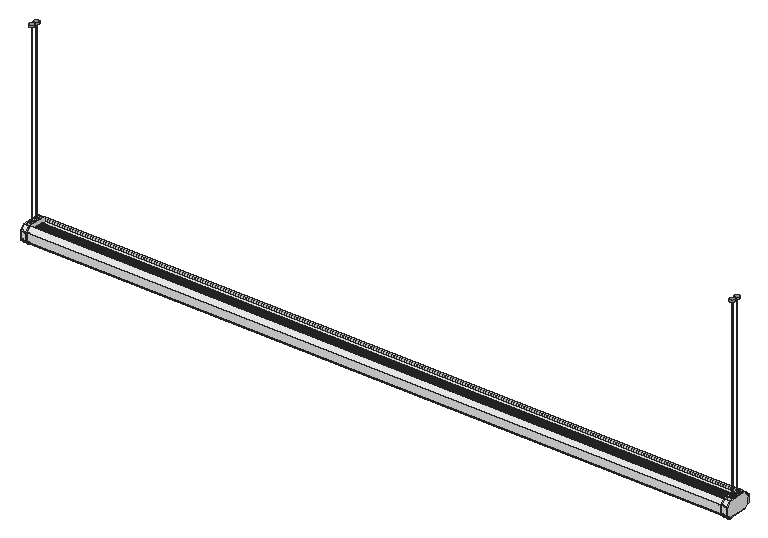
Revit family "Uno Suspended Lighting Fixture 1", category Lighting Fixtures, host Ceiling, Revit 2018
Family settings
  Host = Ceiling
  Round Connector Dimension = Use Diameter
  Part Type = Normal
  OmniClass Number = 23.80.70.11
  OmniClass Title = Luminaries for Internal Lighting
  Always vertical = Yes
  Cut with Voids When Loaded = No
  Light Source = Yes
  Shared = No
  Room Calculation Point = No
Parameters (values of type "White 8FT")
  Wattage = 9.2903 W
  built-in parameter 1150110 = 1 (stored number, unit not read)
  Voltage = 0 V
  URL = "http://www.aronlighting.com/about/"
  built-in parameter 1114217 = 1 (stored number, unit not read)
  Tilt Angle = 90.00°  # constant formula
  built-in parameter 1150109 = 1 (stored number, unit not read)
  built-in parameter 1150134 = (empty or 0)
  built-in parameter 1150113 = 1 (stored number, unit not read)
  Standard Power Dropdown [instance] = not(Power over Aircraft Cable)  # no
  Specification = "http://www.aronlighting.com/product/uno-suspended/#1564668859164-3396a6db-2547"
  Power over Aircraft Cable [instance] = yes
  Poles = 1
  Photometric Web File = "edge-suspended-b3.ies"
  Manufacturer = "ARON"  # constant formula
  built-in parameter 1150105 = 85.611 (stored number, unit not read)
  Lumens = 1075.82 lm
  built-in parameter 1150115 = 1 (stored number, unit not read)
  Load = Other
  built-in parameter 1150137 = (empty or 0)
  built-in parameter 1150139 = (empty or 0)
  Length = 8' - 0"
  built-in parameter 1150112 = 1 (stored number, unit not read)
  built-in parameter 1150114 = 1 (stored number, unit not read)
  built-in parameter 1150132 = (empty or 0)
  built-in parameter 1150102 = (empty or 0)
  built-in parameter 1150107 = 3000 (stored number, unit not read)
  built-in parameter 1150138 = (empty or 0)
  built-in parameter 1150106 = 0.85611 (stored number, unit not read)
  Hanging Height [instance] = 2' - 0"
  Glass = Glass
  Emit from Line Length = 2' - 0"
  built-in parameter 1150104 = 10.758 (stored number, unit not read)
  Dimming Lamp Color Temperature Shift = <None>
  Description = ""
  Copyright © = "© 2020 ARON Lighting"  # constant formula
  Color Filter = 16777215
  Case = White
  built-in parameter 1114218 = 1 (stored number, unit not read)
  built-in parameter 1150133 = 10 (stored number, unit not read)
  Apparent Load = 0 VA
  Aircraft Cable Suspension = Stainless Steel
  4FT TO 8FT = yes
  28FT = no
  26FT = no
  24 FT = no
  22FT C = no
  22FT B = no
  22FT A = no
  20FT C = no
  20FT B = no
  20FT A = no
  16FT = no
  14FT = no
  12FT = no
  10FT = no
Reference planes (in)
  plane 1 "Light Source Axis (F/B)": y = 0
  plane 2 "Ceiling": z = 96
  plane 3 "Light Source Axis (L/R)": x = 0
  plane 4 "Light Source Elevation": z = 58
  plane 5: x = 12
  plane 6: x = -48
  plane 7: x = 48
Dimensions and locks (in)
  equal spacing: host sketch curve, plane 3 "Light Source Axis (L/R)", host sketch curve
  equal spacing: host sketch curve, plane 1 "Light Source Axis (F/B)", host sketch curve
  host sketch curve to host sketch curve = 21' - 8"
  host sketch curve to host sketch curve = 15' - 0"
  locked: plane 3 "Light Source Axis (L/R)" to plane 5 at 12
  "Length": plane 6 to plane 7
  equal spacing: plane 6, plane 3 "Light Source Axis (L/R)", plane 7
  locked: nested 19 to plane 3 "Light Source Axis (L/R)" at 132
  locked: plane 3 "Light Source Axis (L/R)" to nested 21 at 132
  nested 24 to nested 24 = 8' - 0"
  aligned and locked: plane 1 "Light Source Axis (F/B)" to nested 1
  aligned and locked: plane 3 "Light Source Axis (L/R)" to nested 1
  aligned and locked: plane 1 "Light Source Axis (F/B)" to nested 2
  aligned and locked: nested 3 to plane 1 "Light Source Axis (F/B)"
  aligned and locked: nested 3 to plane 5
  aligned and locked: nested 2 to plane 5
  aligned and locked: plane 3 "Light Source Axis (L/R)" to nested 5
  aligned and locked: plane 3 "Light Source Axis (L/R)" to nested 4
  aligned and locked: nested 5 to plane 3 "Light Source Axis (L/R)"
  aligned and locked: nested 4 to plane 1 "Light Source Axis (F/B)"
  aligned and locked: nested 5 to plane 1 "Light Source Axis (F/B)"
  aligned and locked: plane 5 to nested 6
  aligned and locked: plane 5 to nested 7
  aligned and locked: nested 6 to plane 1 "Light Source Axis (F/B)"
  aligned and locked: nested 7 to plane 1 "Light Source Axis (F/B)"
  aligned and locked: nested 9 to plane 3 "Light Source Axis (L/R)"
  aligned and locked: nested 8 to plane 3 "Light Source Axis (L/R)"
  aligned and locked: nested 12 to plane 1 "Light Source Axis (F/B)"
  aligned and locked: nested 11 to plane 1 "Light Source Axis (F/B)"
  aligned and locked: nested 13 to plane 1 "Light Source Axis (F/B)"
  aligned and locked: plane 1 "Light Source Axis (F/B)" to nested 14
  aligned and locked: nested 16 to plane 1 "Light Source Axis (F/B)"
  aligned and locked: plane 1 "Light Source Axis (F/B)" to nested 18
  aligned and locked: nested 17 to plane 1 "Light Source Axis (F/B)"
  aligned and locked: nested 19 to plane 1 "Light Source Axis (F/B)"
  aligned and locked: plane 1 "Light Source Axis (F/B)" to nested 20
  aligned and locked: nested 21 to plane 1 "Light Source Axis (F/B)"
  aligned and locked: nested 20 to nested 19
  aligned and locked: nested 21 to nested 20
  aligned and locked: plane 3 "Light Source Axis (L/R)" to nested 22
  aligned and locked: nested 23 to plane 1 "Light Source Axis (F/B)"
  aligned and locked: plane 1 "Light Source Axis (F/B)" to nested 22
  aligned and locked: nested 24 to plane 1 "Light Source Axis (F/B)"
  aligned and locked: nested 23 to nested 22
  aligned and locked: nested 26 to nested 25
  aligned and locked: nested 27 to nested 26
  aligned and locked: nested 27 to plane 1 "Light Source Axis (F/B)"
  aligned and locked: nested 26 to plane 1 "Light Source Axis (F/B)"
  aligned and locked: nested 25 to plane 1 "Light Source Axis (F/B)"
  aligned and locked: plane 1 "Light Source Axis (F/B)" to nested 30
  aligned and locked: nested 28 to plane 1 "Light Source Axis (F/B)"
  aligned and locked: nested 29 to nested 30
  aligned and locked: nested 29 to plane 1 "Light Source Axis (F/B)"
  aligned and locked: nested 28 to nested 30
  aligned and locked: nested 32 to nested 31
  aligned and locked: nested 31 to nested 32
  aligned and locked: nested 31 to plane 1 "Light Source Axis (F/B)"
  aligned and locked: nested 33 to plane 1 "Light Source Axis (F/B)"
  aligned and locked: nested 34 to nested 35
  aligned and locked: nested 36 to nested 35
  aligned and locked: nested 37 to nested 36
  aligned and locked: nested 35 to plane 1 "Light Source Axis (F/B)"
  aligned and locked: plane 1 "Light Source Axis (F/B)" to nested 36
  aligned and locked: nested 37 to plane 1 "Light Source Axis (F/B)"
  aligned and locked: nested 36 to nested 37
  aligned and locked: plane 1 "Light Source Axis (F/B)" to nested 38
  aligned and locked: nested 38 to nested 33
  aligned and locked: nested 32 to nested 38
  aligned and locked: nested 18 to nested 16
  aligned and locked: nested 17 to nested 18
Nested families (in)
  nested 1: "Uno Suspended-UNOS1-1" at (0, 0, 0), visible <- "4FT TO 8FT", Power over Aircraft Cable <- "Power over Aircraft Cable", Standard Power Dropdown <- "Standard Power Dropdown", type "5FT"
    with Width 3' - 10", Standard Power Dropdown no, Power over Aircraft Cable yes, Length 8' - 0", Emit from Line Length 8' - 0"
  nested 2: "Uno Suspended-UNOS1 With Joiner 2" at (-24, 0, 0), visible <- "10FT", Power over Aircraft Cable <- "Power over Aircraft Cable", Standard Power Dropdown <- "Standard Power Dropdown", type "6FT"
    with Width 3' - 10", Standard Power Dropdown no, Power over Aircraft Cable yes, Distance from ceiling 2' - 0"
  nested 3: "Uno Suspended-UNOS1 With Joiner" at (36, 0, 0) x (-1, 0, 0) z (0, 0, 1), visible <- "10FT", Power over Aircraft Cable <- "Power over Aircraft Cable", Standard Power Dropdown <- "Standard Power Dropdown", type "4FT"
    with Width 3' - 10", Standard Power Dropdown no, Power over Aircraft Cable yes
  nested 4: "Uno Suspended-UNOS1 With Joiner 2" at (-36, 0, 0), visible <- "12FT", Power over Aircraft Cable <- "Power over Aircraft Cable", Standard Power Dropdown <- "Standard Power Dropdown", type "6FT"
    with Width 3' - 10", Standard Power Dropdown no, Power over Aircraft Cable yes, Distance from ceiling 2' - 0"
  nested 5: "Uno Suspended-UNOS1 With Joiner" at (36, 0, 0) x (-1, 0, 0) z (0, 0, 1), visible <- "12FT", Power over Aircraft Cable <- "Power over Aircraft Cable", Standard Power Dropdown <- "Standard Power Dropdown", type "6FT"
    with Width 3' - 10", Standard Power Dropdown no, Power over Aircraft Cable yes
  nested 6: "Uno Suspended-UNOS1 With Joiner" at (-36, 0, 0), visible <- "14FT", Power over Aircraft Cable <- "Power over Aircraft Cable", Standard Power Dropdown <- "Standard Power Dropdown", type "8FT"
    with Width 3' - 10", Standard Power Dropdown no, Power over Aircraft Cable yes, Length 8' - 0", Distance from ceiling 2' - 0"
  nested 7: "Uno Suspended-UNOS1 With Joiner 2" at (48, 0, 0) x (-1, 0, 0) z (0, 0, 1), visible <- "14FT", Power over Aircraft Cable <- "Power over Aircraft Cable", Standard Power Dropdown <- "Standard Power Dropdown", type "6FT"
    with Width 3' - 10", Standard Power Dropdown no, Power over Aircraft Cable yes, Distance from ceiling 2' - 0"
  nested 8: "Uno Suspended-UNOS1 With Joiner" at (-48, 0, 0), visible <- "16FT", Power over Aircraft Cable <- "Power over Aircraft Cable", Standard Power Dropdown <- "Standard Power Dropdown", type "8FT"
    with Width 3' - 10", Standard Power Dropdown no, Power over Aircraft Cable yes, Length 8' - 0", Distance from ceiling 2' - 0"
  nested 9: "Uno Suspended-UNOS1 With Joiner 2" at (48, 0, 0) x (-1, 0, 0) z (0, 0, 1), visible <- "16FT", Power over Aircraft Cable <- "Power over Aircraft Cable", Standard Power Dropdown <- "Standard Power Dropdown", type "8FT"
    with Width 3' - 10", Standard Power Dropdown no, Power over Aircraft Cable yes, Distance from ceiling 2' - 0"
  nested 10: "Uno Suspended-UNOS1 With 2 Joiner" at (-0.25, 0, 0), visible <- "20FT B", Power over Aircraft Cable <- "Power over Aircraft Cable", Standard Power Dropdown <- "Standard Power Dropdown", type "4FT"
    with Width 3' - 10", Standard Power Dropdown no, Power over Aircraft Cable yes, Distance from ceiling 2' - 0"
  nested 11: "Uno Suspended-UNOS1 With Joiner 2" at (71.75, 0, 0) x (-1, 0, 0) z (0, 0, 1), visible <- "20FT B", Power over Aircraft Cable <- "Power over Aircraft Cable", Standard Power Dropdown <- "Standard Power Dropdown", type "8FT"
    with Width 3' - 10", Standard Power Dropdown no, Power over Aircraft Cable yes, Distance from ceiling 2' - 0"
  nested 12: "Uno Suspended-UNOS1 With Joiner 2" at (-72.25, 0, 0), visible <- "20FT B", Power over Aircraft Cable <- "Power over Aircraft Cable", Standard Power Dropdown <- "Standard Power Dropdown", type "8FT"
    with Width 3' - 10", Standard Power Dropdown no, Power over Aircraft Cable yes, Distance from ceiling 2' - 0"
  nested 13: "Uno Suspended-UNOS1 With Joiner 2" at (-96, 0, 0), visible <- "20FT A", Power over Aircraft Cable <- "Power over Aircraft Cable", Standard Power Dropdown <- "Standard Power Dropdown", type "4FT"
    with Width 3' - 10", Standard Power Dropdown no, Power over Aircraft Cable yes, Length 4' - 0", Emit from Line Length 4' - 0", Distance from ceiling 2' - 0"
  nested 14: "Uno Suspended-UNOS1 With 2 Joiner" at (-24, 0, 0), visible <- "20FT A", Power over Aircraft Cable <- "Power over Aircraft Cable", Standard Power Dropdown <- "Standard Power Dropdown", type "8FT"
    with Width 3' - 10", Standard Power Dropdown no, Power over Aircraft Cable yes, Distance from ceiling 2' - 0"
  nested 15: "Uno Suspended-UNOS1 With Joiner 2" at (72, 0, 0) x (-1, 0, 0) z (0, 0, 1), visible <- "20FT A", Power over Aircraft Cable <- "Power over Aircraft Cable", Standard Power Dropdown <- "Standard Power Dropdown", type "8FT"
    with Width 3' - 10", Standard Power Dropdown no, Power over Aircraft Cable yes, Distance from ceiling 2' - 0"
  nested 16: "Uno Suspended-UNOS1 With Joiner 2" at (-72, 0, 0), visible <- "20FT C", Power over Aircraft Cable <- "Power over Aircraft Cable", Standard Power Dropdown <- "Standard Power Dropdown", type "8FT"
    with Width 3' - 10", Standard Power Dropdown no, Power over Aircraft Cable yes, Distance from ceiling 2' - 0"
  nested 17: "Uno Suspended-UNOS1 With Joiner 2" at (96, 0, 0) x (-1, 0, 0) z (0, 0, 1), visible <- "20FT C", Power over Aircraft Cable <- "Power over Aircraft Cable", Standard Power Dropdown <- "Standard Power Dropdown", type "4FT"
    with Width 3' - 10", Standard Power Dropdown no, Power over Aircraft Cable yes, Length 4' - 0", Emit from Line Length 4' - 0", Distance from ceiling 2' - 0"
  nested 18: "Uno Suspended-UNOS1 With 2 Joiner" at (24, 0, 0), visible <- "20FT C", Power over Aircraft Cable <- "Power over Aircraft Cable", Standard Power Dropdown <- "Standard Power Dropdown", type "8FT"
    with Width 3' - 10", Standard Power Dropdown no, Power over Aircraft Cable yes, Distance from ceiling 2' - 0"
  nested 19: "Uno Suspended-UNOS1 With Joiner 2" at (-96, 0, 0), visible <- "22FT A", Power over Aircraft Cable <- "Power over Aircraft Cable", Standard Power Dropdown <- "Standard Power Dropdown", type "6FT"
    with Width 3' - 10", Standard Power Dropdown no, Power over Aircraft Cable yes, Distance from ceiling 2' - 0"
  nested 20: "Uno Suspended-UNOS1 With 2 Joiner" at (-12, 0, 0), visible <- "22FT A", Power over Aircraft Cable <- "Power over Aircraft Cable", Standard Power Dropdown <- "Standard Power Dropdown", type "8FT"
    with Width 3' - 10", Standard Power Dropdown no, Power over Aircraft Cable yes, Distance from ceiling 2' - 0"
  nested 21: "Uno Suspended-UNOS1 With Joiner 2" at (84, 0, 0) x (-1, 0, 0) z (0, 0, 1), visible <- "22FT A", Power over Aircraft Cable <- "Power over Aircraft Cable", Standard Power Dropdown <- "Standard Power Dropdown", type "8FT"
    with Width 3' - 10", Standard Power Dropdown no, Power over Aircraft Cable yes, Distance from ceiling 2' - 0"
  nested 22: "Uno Suspended-UNOS1 With 2 Joiner" at (0, 0, 0), visible <- "22FT B", Power over Aircraft Cable <- "Power over Aircraft Cable", Standard Power Dropdown <- "Standard Power Dropdown", type "6FT"
    with Width 3' - 10", Standard Power Dropdown no, Power over Aircraft Cable yes, Distance from ceiling 2' - 0"
  nested 23: "Uno Suspended-UNOS1 With Joiner 2" at (-84, 0, 0), visible <- "22FT B", Power over Aircraft Cable <- "Power over Aircraft Cable", Standard Power Dropdown <- "Standard Power Dropdown", type "8FT"
    with Width 3' - 10", Standard Power Dropdown no, Power over Aircraft Cable yes, Distance from ceiling 2' - 0"
  nested 24: "Uno Suspended-UNOS1 With Joiner 2" at (84, 0, 0) x (-1, 0, 0) z (0, 0, 1), visible <- "22FT B", Power over Aircraft Cable <- "Power over Aircraft Cable", Standard Power Dropdown <- "Standard Power Dropdown", type "8FT"
    with Width 3' - 10", Standard Power Dropdown no, Power over Aircraft Cable yes, Distance from ceiling 2' - 0"
  nested 25: "Uno Suspended-UNOS1 With Joiner 2" at (95.25, 0, 0) x (-1, 0, 0) z (0, 0, 1), visible <- "22FT C", Power over Aircraft Cable <- "Power over Aircraft Cable", Standard Power Dropdown <- "Standard Power Dropdown", type "6FT"
    with Width 3' - 10", Standard Power Dropdown no, Power over Aircraft Cable yes, Distance from ceiling 2' - 0"
  nested 26: "Uno Suspended-UNOS1 With 2 Joiner" at (11.25, 0, 0) x (-1, 0, 0) z (0, 0, 1), visible <- "22FT C", Power over Aircraft Cable <- "Power over Aircraft Cable", Standard Power Dropdown <- "Standard Power Dropdown", type "8FT"
    with Width 3' - 10", Standard Power Dropdown no, Power over Aircraft Cable yes, Distance from ceiling 2' - 0"
  nested 27: "Uno Suspended-UNOS1 With Joiner 2" at (-84.75, 0, 0), visible <- "22FT C", Power over Aircraft Cable <- "Power over Aircraft Cable", Standard Power Dropdown <- "Standard Power Dropdown", type "8FT"
    with Width 3' - 10", Standard Power Dropdown no, Power over Aircraft Cable yes, Distance from ceiling 2' - 0"
  nested 28: "Uno Suspended-UNOS1 With Joiner 2" at (-96, 0, 0), visible <- "24 FT", Power over Aircraft Cable <- "Power over Aircraft Cable", Standard Power Dropdown <- "Standard Power Dropdown", type "8FT"
    with Width 3' - 10", Standard Power Dropdown no, Power over Aircraft Cable yes, Distance from ceiling 2' - 0"
  nested 29: "Uno Suspended-UNOS1 With Joiner 2" at (96, 0, 0) x (-1, 0, 0) z (0, 0, 1), visible <- "24 FT", Power over Aircraft Cable <- "Power over Aircraft Cable", Standard Power Dropdown <- "Standard Power Dropdown", type "8FT"
    with Width 3' - 10", Standard Power Dropdown no, Power over Aircraft Cable yes, Distance from ceiling 2' - 0"
  nested 30: "Uno Suspended-UNOS1 With 2 Joiner" at (0, 0, 0), visible <- "24 FT", Power over Aircraft Cable <- "Power over Aircraft Cable", Standard Power Dropdown <- "Standard Power Dropdown", type "8FT"
    with Width 3' - 10", Standard Power Dropdown no, Power over Aircraft Cable yes, Distance from ceiling 2' - 0"
  nested 31: "Uno Suspended-UNOS1 With Joiner 2" at (-123.51624, 0, 0), visible <- "26FT", Power over Aircraft Cable <- "Power over Aircraft Cable", Standard Power Dropdown <- "Standard Power Dropdown", type "8FT"
    with Width 3' - 10", Standard Power Dropdown no, Power over Aircraft Cable yes, Distance from ceiling 2' - 0"
  nested 32: "Uno Suspended-UNOS1 With 2 Joiner" at (-39.51624, 0, 0), visible <- "26FT", Power over Aircraft Cable <- "Power over Aircraft Cable", Standard Power Dropdown <- "Standard Power Dropdown", type "6FT"
    with Width 3' - 10", Standard Power Dropdown no, Power over Aircraft Cable yes, Distance from ceiling 2' - 0"
  nested 33: "Uno Suspended-UNOS1 With Joiner" at (92.48376, 0, 0) x (-1, 0, 0) z (0, 0, 1), visible <- "26FT", Power over Aircraft Cable <- "Power over Aircraft Cable", Standard Power Dropdown <- "Standard Power Dropdown", type "8FT"
    with Width 3' - 10", Standard Power Dropdown no, Power over Aircraft Cable yes, Length 8' - 0", Distance from ceiling 2' - 0"
  nested 34: "Uno Suspended-UNOS1 With Joiner 2" at (-130, 0, 0), visible <- "28FT", Power over Aircraft Cable <- "Power over Aircraft Cable", Standard Power Dropdown <- "Standard Power Dropdown", type "8FT"
    with Width 3' - 10", Standard Power Dropdown no, Power over Aircraft Cable yes, Distance from ceiling 2' - 0"
  nested 35: "Uno Suspended-UNOS1 With 2 Joiner" at (-34, 0, 0), visible <- "28FT", Power over Aircraft Cable <- "Power over Aircraft Cable", Standard Power Dropdown <- "Standard Power Dropdown", type "8FT"
    with Width 3' - 10", Standard Power Dropdown no, Power over Aircraft Cable yes, Distance from ceiling 2' - 0"
  nested 36: "Uno Suspended-UNOS1 With 3 Joiner" at (38, 0, 0), visible <- "28FT", type "4FT"
  nested 37: "Uno Suspended-UNOS1 With Joiner" at (110, 0, 0) x (-1, 0, 0) z (0, 0, 1), visible <- "28FT", Power over Aircraft Cable <- "Power over Aircraft Cable", Standard Power Dropdown <- "Standard Power Dropdown", type "8FT"
    with Width 3' - 10", Standard Power Dropdown no, Power over Aircraft Cable yes, Length 8' - 0", Distance from ceiling 2' - 0"
  nested 38: "Uno Suspended-UNOS1 With 3 Joiner" at (20.48376, 0, 0), visible <- "26FT", type "4FT"
    with Width 3' - 10"
Connectors (in)
  electrical at (0, 0, 96), driven by "Poles", driven by "Load", driven by "Voltage", driven by "Apparent Load"
    settings: on host ceiling, index 1, voltage 0 V, apparent load 0 VA, apparent load phase1 0 VA, apparent load phase2 0 VA, apparent load phase3 0 VA, power factor 1, load classification "Other", number of poles 1, system type 30, power factor state 1, is connector primary yes, connector utility no, sub classification motor no, connector description ""
Definition of nested family "Uno Suspended-UNOS1-1"
  Parameters (values of type "5FT")
    Width [instance] = 3' - 10"
    Wattage = 9.2903 W
    built-in parameter 1150110 = 1 (stored number, unit not read)
    built-in parameter 1114217 = 1 (stored number, unit not read)
    Tilt Angle = 60.00°
    built-in parameter 1150109 = 1 (stored number, unit not read)
    built-in parameter 1150134 = (empty or 0)
    built-in parameter 1150113 = 1 (stored number, unit not read)
    Standard Power Dropdown [instance] = no
    Power over Aircraft Cable [instance] = yes
    Photometric Web File = ""
    built-in parameter 1150142 = (empty or 0)
    Material = none
    Lumens = 1075.82 lm
    built-in parameter 1150115 = 1 (stored number, unit not read)
    built-in parameter 1150105 = 85.611 (stored number, unit not read)
    built-in parameter 1150137 = (empty or 0)
    built-in parameter 1150139 = (empty or 0)
    Length = 4' - 0"
    built-in parameter 1150112 = 1 (stored number, unit not read)
    built-in parameter 1150114 = 1 (stored number, unit not read)
    built-in parameter 1150132 = (empty or 0)
    built-in parameter 1150102 = (empty or 0)
    built-in parameter 1150138 = (empty or 0)
    built-in parameter 1150107 = 3000 (stored number, unit not read)
    built-in parameter 1150106 = 0.85611 (stored number, unit not read)
    Heigth = 0' - 2.17"
    Hanger = none
    Glass = none
    Emit from Line Length = 4' - 0"
    built-in parameter 1150104 = 10.758 (stored number, unit not read)
    Distance from ceiling = 2' - 0"
    Dimming Lamp Color Temperature Shift = (empty or 0)
    Depth = 0' - 3.67"
    Color Filter = 16777215
    built-in parameter 1114218 = 1 (stored number, unit not read)
    built-in parameter 1150133 = 10 (stored number, unit not read)
  Reference planes (in)
    plane 1 "Light Source Axis (F/B)": y = 0
    plane 2 "Ceiling": z = 96
    plane 3 "Light Source Axis (L/R)": x = 0
    plane 4 "Light Source Elevation": z = 70.915
    plane 5: y = 1.835
    plane 6: y = -1.835
    plane 7: z = 72
    plane 8: z = 69.83
    plane 9: z = 71.84252
    plane 10: y = 1.67752
    plane 11: y = -1.67752
    plane 12: z = 69.98748
    plane 13: z = 70.915
    plane 14: z = 71.4575
    plane 15: z = 70.3725
    plane 16: x = -24
    plane 17: x = 24
    plane 18: x = -23.125
    plane 19: x = 23.125
    plane 20: y = 1.335
    plane 21: y = -1.335
    plane 22: x = -23.20374
    plane 23: x = 23.20374
    plane 24: x = -23.92126
    plane 25: x = 23.92126
    plane 26: x = -23.5625
    plane 27: y = 1.085
    plane 28: y = -1.085
    plane 29: z = 69.90874
    plane 30: z = 95.84252
    plane 31: x = -0.25
    plane 32: x = 0.25
    plane 33: z = 71.56038
  Forms (in)
    Extrusion 1, solid, material <- "Material"
      sketch origin (0, 0, 0) x (0, 1, 0) y (0, 0, -1)
        loop
          arc (1.81441, -71.47809) -> (1.82965, -71.45528) -> (1.835, -71.42838) r 0.07031
          line (1.835, -71.42838) -> (1.835, -70.40162)
          arc (1.835, -70.40162) -> (1.82965, -70.37472) -> (1.81441, -70.35191) r 0.07031
          line (1.81441, -70.35191) -> (1.30507, -69.84257)
          arc (1.30507, -69.84257) -> (1.29114, -69.83327) -> (1.2747, -69.83) r 0.04297
          line (1.2747, -69.83) -> (-1.2747, -69.83)
          arc (-1.2747, -69.83) -> (-1.29115, -69.83327) -> (-1.30509, -69.84259) r 0.04297
          line (-1.30509, -69.84259) -> (-1.81441, -70.35191)
          arc (-1.81441, -70.35191) -> (-1.82965, -70.37472) -> (-1.835, -70.40162) r 0.07031
          line (-1.835, -70.40162) -> (-1.835, -71.42873)
          arc (-1.835, -71.42873) -> (-1.82971, -71.45531) -> (-1.81466, -71.47784) r 0.06946
          line (-1.81466, -71.47784) -> (-1.2925, -72) -> (-1.2925, -71.5) -> (-0.81839, -71.5) -> (-0.81839, -72) -> (0.81839, -72) -> (0.81839, -71.5) -> (1.2925, -71.5) -> (1.2925, -72) -> (1.81441, -71.47809)
        loop
          line (1.335, -71.4575) -> (1.335, -71.73479) -> (1.67752, -71.39227) -> (1.67752, -70.43773) -> (1.22727, -69.98748) -> (-1.22727, -69.98748) -> (-1.67752, -70.43773) -> (-1.67752, -71.39227) -> (-1.335, -71.73479) -> (-1.335, -71.4575) -> (-0.39377, -71.4575) -> (-0.39377, -71.5) -> (-0.77589, -71.5) -> (-0.77589, -71.95703) -> (0.77589, -71.95703) -> (0.77589, -71.5) -> (0.39377, -71.5) -> (0.39377, -71.4575) -> (1.335, -71.4575)
      from -23.92126 to -23.20374
    Extrusion 2, solid, material <- "Material"
      sketch origin (0, 0, 0) x (0, 1, 0) y (0, 0, 1)
        loop
          line (1.835, 70.40162) -> (1.835, 71.42838)
          arc (1.835, 71.42838) -> (1.82965, 71.45528) -> (1.81441, 71.47809) r 0.07031
          line (1.81441, 71.47809) -> (1.30509, 71.98741)
          arc (1.30509, 71.98741) -> (1.29115, 71.99673) -> (1.2747, 72) r 0.04297
          line (1.2747, 72) -> (-1.27405, 72)
          arc (-1.27405, 72) -> (-1.2911, 71.99661) -> (-1.30555, 71.98695) r 0.04455
          line (-1.30555, 71.98695) -> (-1.81466, 71.47784)
          arc (-1.81466, 71.47784) -> (-1.82971, 71.45531) -> (-1.835, 71.42873) r 0.06946
          line (-1.835, 71.42873) -> (-1.835, 70.40162)
          arc (-1.835, 70.40162) -> (-1.82965, 70.37472) -> (-1.81441, 70.35191) r 0.07031
          line (-1.81441, 70.35191) -> (-1.2925, 69.83) -> (1.2925, 69.83) -> (1.81441, 70.35191)
          arc (1.81441, 70.35191) -> (1.82965, 70.37472) -> (1.835, 70.40162) r 0.07031
      from -23.20374 to -23.125
    Extrusion 3, solid, material <- "Material"
      sketch origin (0, 0, 0) x (0, 1, 0) y (0, 0, -1)
        loop
          arc (1.835, -70.40162) -> (1.82965, -70.37472) -> (1.81441, -70.35191) r 0.07031
          line (1.81441, -70.35191) -> (1.30507, -69.84257)
          arc (1.30507, -69.84257) -> (1.29114, -69.83327) -> (1.2747, -69.83) r 0.04297
          line (1.2747, -69.83) -> (-1.2747, -69.83)
          arc (-1.2747, -69.83) -> (-1.29113, -69.83327) -> (-1.30507, -69.84257) r 0.04297
          line (-1.30507, -69.84257) -> (-1.81441, -70.35191)
          arc (-1.81441, -70.35191) -> (-1.82965, -70.37472) -> (-1.835, -70.40162) r 0.07031
          line (-1.835, -70.40162) -> (-1.835, -71.42873)
          arc (-1.835, -71.42873) -> (-1.82971, -71.45531) -> (-1.81466, -71.47784) r 0.06946
          line (-1.81466, -71.47784) -> (-1.30555, -71.98695)
          arc (-1.30555, -71.98695) -> (-1.2911, -71.99661) -> (-1.27405, -72) r 0.04455
          line (-1.27405, -72) -> (1.2747, -72)
          arc (1.2747, -72) -> (1.29114, -71.99673) -> (1.30507, -71.98743) r 0.04297
          line (1.30507, -71.98743) -> (1.81441, -71.47809)
          arc (1.81441, -71.47809) -> (1.82965, -71.45528) -> (1.835, -71.42838) r 0.07031
          line (1.835, -71.42838) -> (1.835, -70.40162)
      from -23.20374 to -23.125
    Extrusion 4, solid, material <- "Material"
      sketch origin (-46.875, 0, 0) x (0, 1, 0) y (0, 0, -1)
        loop
          line (1.76893, -70.39987) -> (1.26513, -69.89607) -> (-1.26513, -69.89607) -> (-1.76893, -70.39987) -> (-1.76893, -71.43013) -> (-1.26513, -71.93393) -> (1.26513, -71.93393) -> (1.76893, -71.43013) -> (1.76893, -70.39987)
      from -22.875 to -22.95374
    Extrusion 5, solid, material <- "Material"
      sketch origin (46.875, 0, 0) x (0, 1, 0) y (0, 0, 1)
        loop
          line (1.76913, 70.39978) -> (1.76913, 71.43022) -> (1.26522, 71.93413) -> (-1.26522, 71.93413) -> (-1.76913, 71.43022) -> (-1.76913, 70.39978) -> (-1.26522, 69.89587) -> (1.26522, 69.89587) -> (1.76913, 70.39978)
      from -22.95374 to -22.875
    Extrusion 6, void
      sketch origin (0, 0, 0) x (1, 0, 0) y (0, 1, 0)
        loop
          circle (23.5625, 0) r 0.13765
        loop
          circle (23.5625, 0.39377) r 0.13765
        loop
          circle (23.5625, -0.39377) r 0.13765
      from 71.84252 to 72
    Extrusion 7, void
      sketch origin (0, 0, 0) x (-1, 0, 0) y (0, -1, 0)
        loop
          circle (23.5625, 0) r 0.13765
        loop
          circle (23.5625, -0.39377) r 0.13765
        loop
          circle (23.5625, 0.39377) r 0.13765
      from 71.84252 to 72
    Extrusion 8, void
      sketch origin (0, 0, 0) x (1, 0, 0) y (0, 1, 0)
        loop
          line (-23.125, 1.085) -> (-23.125, -1.085) -> (1.6802, -1.085) -> (23.125, -1.085) -> (23.125, 1.085) -> (1.22247, 1.085) -> (-23.125, 1.085)
      from 69.83 to 69.98748
    Revolve 9, solid, material <- "Hanger", visible <- "Power over Aircraft Cable"
      sketch origin (0, 0.39377, 0) x (1, 0, 0) y (0, 0, 1)
        loop
          arc (-23.38579, 72.00391) -> (-23.36103, 72.02866) -> (-23.38579, 72.05341) r 0.02475
          line (-23.38579, 72.05341) -> (-23.5041, 72.05341) -> (-23.5041, 72.10683) -> (-23.5625, 72.10683) -> (-23.5625, 71.90362) -> (-23.38579, 71.90362)
          arc (-23.38579, 71.90362) -> (-23.36103, 71.92837) -> (-23.38579, 71.95313) r 0.02475
          line (-23.38579, 71.95313) -> (-23.43293, 71.95313) -> (-23.43293, 72.00391) -> (-23.38579, 72.00391)
        axis (-23.5625, 71.90362) -> (-23.5625, 72.10683)
      angle from 0 to 360
    Revolve 10, solid, material <- "Hanger", visible <- "Power over Aircraft Cable"
      sketch origin (0, -0.39377, 0) x (1, 0, 0) y (0, 0, -1)
        loop
          line (-23.38579, -72.00391) -> (-23.43293, -72.00391) -> (-23.43293, -71.95313) -> (-23.38579, -71.95313)
          arc (-23.38579, -71.95313) -> (-23.36103, -71.92837) -> (-23.38579, -71.90362) r 0.02475
          line (-23.38579, -71.90362) -> (-23.5625, -71.90362) -> (-23.5625, -72.10683) -> (-23.5041, -72.10683) -> (-23.5041, -72.05341) -> (-23.38579, -72.05341)
          arc (-23.38579, -72.05341) -> (-23.36103, -72.02866) -> (-23.38579, -72.00391) r 0.02475
        axis (-23.5625, -71.90362) -> (-23.5625, -72.10683)
      angle from 0 to 360
    Revolve 11, solid, material <- "Hanger", visible <- "Power over Aircraft Cable"
      sketch origin (0, 0.39377, 0) x (-1, 0, 0) y (0, 0, -1)
        loop
          line (-23.38579, -72.00391) -> (-23.43293, -72.00391) -> (-23.43293, -71.95313) -> (-23.38579, -71.95313)
          arc (-23.38579, -71.95313) -> (-23.36103, -71.92837) -> (-23.38579, -71.90362) r 0.02475
          line (-23.38579, -71.90362) -> (-23.5625, -71.90362) -> (-23.5625, -72.10683) -> (-23.5041, -72.10683) -> (-23.5041, -72.05341) -> (-23.38579, -72.05341)
          arc (-23.38579, -72.05341) -> (-23.36103, -72.02866) -> (-23.38579, -72.00391) r 0.02475
        axis (-23.5625, -71.90362) -> (-23.5625, -72.10683)
      angle from 0 to 360
    Revolve 12, solid, material <- "Hanger", visible <- "Power over Aircraft Cable"
      sketch origin (0, -0.39377, 0) x (-1, 0, 0) y (0, 0, 1)
        loop
          arc (-23.38579, 72.00391) -> (-23.36103, 72.02866) -> (-23.38579, 72.05341) r 0.02475
          line (-23.38579, 72.05341) -> (-23.5041, 72.05341) -> (-23.5041, 72.10683) -> (-23.5625, 72.10683) -> (-23.5625, 71.90362) -> (-23.38579, 71.90362)
          arc (-23.38579, 71.90362) -> (-23.36103, 71.92837) -> (-23.38579, 71.95313) r 0.02475
          line (-23.38579, 71.95313) -> (-23.43293, 71.95313) -> (-23.43293, 72.00391) -> (-23.38579, 72.00391)
        axis (-23.5625, 71.90362) -> (-23.5625, 72.10683)
      angle from 0 to 360
    Extrusion 13, solid, material <- "Hanger", visible <- "Power over Aircraft Cable"
      sketch origin (0, 0, 0) x (1, 0, 0) y (0, 1, 0)
        loop
          circle (-23.5625, 0.39377) r 0.03694
        loop
          circle (-23.5625, -0.39377) r 0.03704
      from 72 to 95.84252
    Extrusion 14, solid, material <- "Hanger", visible <- "Power over Aircraft Cable"
      sketch origin (0, 0, 0) x (1, 0, 0) y (0, 1, 0)
        loop
          circle (23.5625, 0.39377) r 0.03516
        loop
          circle (23.5625, -0.39377) r 0.03516
      from 72 to 95.84252
    Extrusion 15, solid, material <- "Hanger", visible <- "Power over Aircraft Cable"
      sketch origin (0, 0, 0) x (1, 0, 0) y (0, 1, 0)
        loop
          circle (23.5625, 0.39377) r 0.32865
        loop
          circle (23.5625, -0.39377) r 0.32812
        loop
          circle (-23.5625, 0.39377) r 0.32865
        loop
          circle (-23.5625, -0.39377) r 0.32812
      from 95.84252 to 96
    Extrusion 16, solid, material <- "Glass"
      sketch origin (0, 0, 0) x (0, 1, 0) y (0, 0, -1)
        loop
          line (1.085, -69.98748) -> (1.085, -69.90874) -> (-1.085, -69.90874) -> (-1.085, -69.98748) -> (1.085, -69.98748)
      from -23.125 to 23.125
    Extrusion 17, solid, material <- "Material"
      sketch origin (0, 0, 0) x (0, 1, 0) y (0, 0, -1)
        loop
          arc (1.835, -70.40162) -> (1.82965, -70.37472) -> (1.81441, -70.35191) r 0.07031
          line (1.81441, -70.35191) -> (1.2925, -69.83) -> (-1.2925, -69.83) -> (-1.81441, -70.35191)
          arc (-1.81441, -70.35191) -> (-1.82965, -70.37472) -> (-1.835, -70.40162) r 0.07031
          line (-1.835, -70.40162) -> (-1.835, -71.42873)
          arc (-1.835, -71.42873) -> (-1.82971, -71.45531) -> (-1.81466, -71.47784) r 0.06946
          line (-1.81466, -71.47784) -> (-1.2925, -72) -> (-1.2925, -71.5) -> (-0.69524, -71.5) -> (-0.69524, -71.56038)
          arc (-0.69524, -71.56038) -> (-0.67703, -71.5786) -> (-0.65881, -71.56038) r 0.01821
          line (-0.65881, -71.56038) -> (-0.65881, -71.5) -> (-0.44524, -71.5) -> (-0.44524, -71.56038)
          arc (-0.44524, -71.56038) -> (-0.42703, -71.5786) -> (-0.40881, -71.56038) r 0.01821
          line (-0.40881, -71.56038) -> (-0.40881, -71.5) -> (-0.19524, -71.5) -> (-0.19524, -71.56038)
          arc (-0.19524, -71.56038) -> (-0.17703, -71.5786) -> (-0.15881, -71.56038) r 0.01821
          line (-0.15881, -71.56038) -> (-0.15881, -71.5) -> (0.15881, -71.5) -> (0.15881, -71.56038)
          arc (0.15881, -71.56038) -> (0.17703, -71.5786) -> (0.19524, -71.56038) r 0.01821
          line (0.19524, -71.56038) -> (0.19524, -71.5) -> (0.40881, -71.5) -> (0.40881, -71.56038)
          arc (0.40881, -71.56038) -> (0.42703, -71.5786) -> (0.44524, -71.56038) r 0.01821
          line (0.44524, -71.56038) -> (0.44524, -71.5) -> (0.65881, -71.5) -> (0.65881, -71.56038)
          arc (0.65881, -71.56038) -> (0.67703, -71.5786) -> (0.69524, -71.56038) r 0.01821
          line (0.69524, -71.56038) -> (0.69524, -71.5) -> (1.2925, -71.5) -> (1.2925, -72) -> (1.81441, -71.47809)
          arc (1.81441, -71.47809) -> (1.82965, -71.45528) -> (1.835, -71.42838) r 0.07031
          line (1.835, -71.42838) -> (1.835, -70.40162)
        loop
          line (1.67752, -70.43773) -> (1.22727, -69.98748) -> (-1.22727, -69.98748) -> (-1.67752, -70.43773) -> (-1.67752, -71.39227) -> (-1.335, -71.73479) -> (-1.335, -71.4575) -> (1.335, -71.4575) -> (1.335, -71.73479) -> (1.67752, -71.39227) -> (1.67752, -70.43773)
      from -23.125 to 23.125
    Sweep 18, solid, material <- "Material"
      path in 3D
        loop
          line (24, -1.26522, 71.93413) -> (24, -1.76913, 71.43022) -> (24, -1.76913, 70.39978) -> (24, -1.26522, 69.89587) -> (24, 1.26522, 69.89587) -> (24, 1.76913, 70.39978) -> (24, 1.76913, 71.43022) -> (24, 1.26522, 71.93413) -> (24, -1.26522, 71.93413)
      profile origin (24, 0, 71.93413) x (1, 0, 0) y (0, 0, 1)
        loop
          line (-0.07874, 0.06586) -> (-0.07874, 0) -> (0, 0)
          arc (0, 0) -> (-0.02692, 0.04781) -> (-0.07874, 0.06586) r 0.0776
    Sweep 19, solid, material <- "Material"
      path in 3D
        loop
          line (-24, 1.26513, 71.93393) -> (-24, 1.76893, 71.43013) -> (-24, 1.76893, 70.39987) -> (-24, 1.26513, 69.89607) -> (-24, -1.26513, 69.89607) -> (-24, -1.76893, 70.39987) -> (-24, -1.76893, 71.43013) -> (-24, -1.26513, 71.93393) -> (-24, 1.26513, 71.93393)
      profile origin (-24, 0, 71.93393) x (-1, 0, 0) y (0, 0, 1)
        loop
          line (-0.07874, 0.06607) -> (-0.07874, 0) -> (0, 0)
          arc (0, 0) -> (-0.02696, 0.04783) -> (-0.07874, 0.06607) r 0.07804
    Extrusion 20, solid, material <- "Material"
      sketch origin (0, 0, 0) x (0, 1, 0) y (0, 0, 1)
        loop
          line (1.81441, 71.47809) -> (1.2925, 72) -> (1.2925, 71.5) -> (0.81839, 71.5) -> (0.81839, 72) -> (-0.81839, 72) -> (-0.81839, 71.5) -> (-1.2925, 71.5) -> (-1.2925, 72) -> (-1.81466, 71.47784)
          arc (-1.81466, 71.47784) -> (-1.82971, 71.45531) -> (-1.835, 71.42873) r 0.06946
          line (-1.835, 71.42873) -> (-1.835, 70.40162)
          arc (-1.835, 70.40162) -> (-1.82965, 70.37472) -> (-1.81441, 70.35191) r 0.07031
          line (-1.81441, 70.35191) -> (-1.30509, 69.84259)
          arc (-1.30509, 69.84259) -> (-1.29115, 69.83327) -> (-1.2747, 69.83) r 0.04297
          line (-1.2747, 69.83) -> (1.2747, 69.83)
          arc (1.2747, 69.83) -> (1.29115, 69.83327) -> (1.30509, 69.84259) r 0.04297
          line (1.30509, 69.84259) -> (1.81441, 70.35191)
          arc (1.81441, 70.35191) -> (1.82965, 70.37472) -> (1.835, 70.40162) r 0.07031
          line (1.835, 70.40162) -> (1.835, 71.42838)
          arc (1.835, 71.42838) -> (1.82965, 71.45528) -> (1.81441, 71.47809) r 0.07031
        loop
          line (1.335, 71.4575) -> (0.39377, 71.4575) -> (0.39377, 71.5) -> (0.77589, 71.5) -> (0.77589, 71.95703) -> (-0.77589, 71.95703) -> (-0.77589, 71.5) -> (-0.39377, 71.5) -> (-0.39377, 71.4575) -> (-1.335, 71.4575) -> (-1.335, 71.73479) -> (-1.67752, 71.39227) -> (-1.67752, 70.43773) -> (-1.22727, 69.98748) -> (1.22727, 69.98748) -> (1.67752, 70.43773) -> (1.67752, 71.39227) -> (1.335, 71.73479) -> (1.335, 71.4575)
      from -23.92126 to -23.20374
    Revolve 21, solid, material <- "Hanger", visible <- "Standard Power Dropdown"
      sketch origin (0, 0, 0) x (1, 0, 0) y (0, 0, 1)
        loop
          arc (-23.38579, 72.00391) -> (-23.36103, 72.02866) -> (-23.38579, 72.05341) r 0.02475
          line (-23.38579, 72.05341) -> (-23.5041, 72.05341) -> (-23.5041, 72.10683) -> (-23.5625, 72.10683) -> (-23.5625, 71.90362) -> (-23.38579, 71.90362)
          arc (-23.38579, 71.90362) -> (-23.36103, 71.92837) -> (-23.38579, 71.95313) r 0.02475
          line (-23.38579, 71.95313) -> (-23.43293, 71.95313) -> (-23.43293, 72.00391) -> (-23.38579, 72.00391)
        axis (-23.5625, 71.90362) -> (-23.5625, 72.10683)
      angle from 0 to 360
    Revolve 22, solid, material <- "Hanger", visible <- "Standard Power Dropdown"
      sketch origin (0, 0, 0) x (-1, 0, 0) y (0, 0, -1)
        loop
          line (-23.38579, -72.00391) -> (-23.43293, -72.00391) -> (-23.43293, -71.95313) -> (-23.38579, -71.95313)
          arc (-23.38579, -71.95313) -> (-23.36103, -71.92837) -> (-23.38579, -71.90362) r 0.02475
          line (-23.38579, -71.90362) -> (-23.5625, -71.90362) -> (-23.5625, -72.10683) -> (-23.5041, -72.10683) -> (-23.5041, -72.05341) -> (-23.38579, -72.05341)
          arc (-23.38579, -72.05341) -> (-23.36103, -72.02866) -> (-23.38579, -72.00391) r 0.02475
        axis (-23.5625, -71.90362) -> (-23.5625, -72.10683)
      angle from 0 to 360
    Extrusion 23, solid, material <- "Hanger", visible <- "Standard Power Dropdown"
      sketch origin (0, -0.39377, 0) x (1, 0, 0) y (0, 1, 0)
        loop
          circle (23.5625, 0.39377) r 0.03516
        loop
          circle (-23.5625, 0.39377) r 0.03516
      from 72.10683 to 95.84252
    Extrusion 24, solid, material <- "Hanger", visible <- "Standard Power Dropdown"
      sketch origin (0, -0.39377, 0) x (1, 0, 0) y (0, 1, 0)
        loop
          circle (23.5625, 0.39377) r 0.32865
        loop
          circle (-23.5625, 0.39377) r 0.32865
      from 95.84252 to 96
  Cuts and joins
    Extrusion 6, Extrusion 7 cuts Extrusion 1
    joined: Extrusion 5, Sweep 18
    Extrusion 8 cuts Extrusion 17
  Lines and regions (in)
    sketch lines
      curve 1: line (24, 1.26522, 71.93413) -> (24, -1.26522, 71.93413)
      curve 2: line (24, -1.26522, 71.93413) -> (24, -1.76913, 71.43022)
      curve 3: line (24, -1.76913, 71.43022) -> (24, -1.76913, 70.39978)
      curve 4: line (24, -1.76913, 70.39978) -> (24, -1.26522, 69.89587)
      curve 5: line (24, 1.76913, 71.43022) -> (24, 1.26522, 71.93413)
      curve 6: line (24, 1.76913, 70.39978) -> (24, 1.76913, 71.43022)
      curve 7: line (24, 1.26522, 69.89587) -> (24, 1.76913, 70.39978)
      curve 8: line (24, -1.26522, 69.89587) -> (24, 1.26522, 69.89587)
      curve 9: line (-24, -1.26513, 71.93393) -> (-24, 1.26513, 71.93393)
      curve 10: line (-24, 1.26513, 71.93393) -> (-24, 1.76893, 71.43013)
      curve 11: line (-24, 1.76893, 71.43013) -> (-24, 1.76893, 70.39987)
      curve 12: line (-24, 1.76893, 70.39987) -> (-24, 1.26513, 69.89607)
      curve 13: line (-24, 1.26513, 69.89607) -> (-24, -1.26513, 69.89607)
      curve 14: line (-24, -1.26513, 69.89607) -> (-24, -1.76893, 70.39987)
      curve 15: line (-24, -1.76893, 70.39987) -> (-24, -1.76893, 71.43013)
      curve 16: line (-24, -1.76893, 71.43013) -> (-24, -1.26513, 71.93393)
  Dimensions and locks (in)
    equal spacing: host sketch curve, plane 3 "Light Source Axis (L/R)", host sketch curve
    equal spacing: host sketch curve, plane 1 "Light Source Axis (F/B)", host sketch curve
    host sketch curve to host sketch curve = 10' - 0"  (x2)
    equal spacing: plane 5, plane 1 "Light Source Axis (F/B)", plane 6
    "Depth": plane 5 to plane 6
    "Distance from ceiling": plane 2 "Ceiling" to plane 7
    locked: plane 7 to plane 9 at 0.15748
    locked: plane 12 to plane 8 at 0.15748
    locked: plane 5 to plane 10 at 0.15748
    locked: plane 11 to plane 6 at 0.15748
    equal spacing: plane 7, plane 13, plane 8
    plane 5 to plane 20 = 0' - 0 1/2"
    locked: plane 6 to plane 21 at 0.5
    "Heigth": plane 7 to plane 8
    equal spacing: plane 7, plane 14, plane 13
    equal spacing: plane 13, plane 15, plane 8
    locked: plane 22 to plane 18 at 0.07874
    locked: plane 19 to plane 23 at 0.07874
    locked: Extrusion 1 sketch curve to Extrusion 1 sketch curve at 0.0425  (x3)
    Extrusion 1 sketch curve to Extrusion 1 sketch curve = 0' - 0.78753"
    locked: Extrusion 1 to Extrusion 1 at 0.0425
    locked: plane 24 to plane 16 at 0.07874
    locked: plane 25 to plane 17 at 0.07874
    equal spacing: plane 22, plane 26, plane 24
    equal spacing: plane 23, Extrusion 6 sketch curve, plane 25  (x3)
    locked: plane 1 "Light Source Axis (F/B)" to Extrusion 6 sketch curve at 0.39377
    locked: Extrusion 6 sketch curve to plane 1 "Light Source Axis (F/B)" at 0.39377
    equal spacing: plane 24, Extrusion 7 sketch curve, plane 22  (x3)
    locked: plane 1 "Light Source Axis (F/B)" to Extrusion 7 sketch curve at 0.39377
    locked: Extrusion 7 sketch curve to plane 1 "Light Source Axis (F/B)" at 0.39377
    locked: plane 20 to plane 27 at 0.25
    locked: plane 21 to plane 28 at 0.25
    equal spacing: plane 12, plane 29, plane 8
    locked: plane 1 "Light Source Axis (F/B)" to Extrusion 13 sketch curve at 0.39377
    locked: plane 24 to Extrusion 13 sketch curve at 0.35876  (x2)
    locked: Extrusion 13 sketch curve to plane 1 "Light Source Axis (F/B)" at 0.39377
    locked: plane 2 "Ceiling" to plane 30 at 0.15748
    locked: Extrusion 14 sketch curve to plane 25 at 0.35876  (x2)
    locked: plane 1 "Light Source Axis (F/B)" to Extrusion 14 sketch curve at 0.39377
    locked: Extrusion 14 sketch curve to plane 1 "Light Source Axis (F/B)" at 0.39377
    locked: Extrusion 15 sketch curve to plane 25 at 0.35876  (x2)
    locked: plane 27 to Extrusion 15 sketch curve at 0.69123  (x2)
    locked: plane 28 to Extrusion 15 sketch curve at 0.69123  (x2)
    plane 24 to plane 26 = 0' - 0.35876"
    plane 31 to plane 3 "Light Source Axis (L/R)" to plane 32 = 0' - 0 1/4" locked, 0' - 0 1/4" locked
    locked: plane 14 to Extrusion 17 sketch curve at 0.02877
    locked: plane 14 to Extrusion 17 sketch curve at 0.06523  (x2)
    locked: plane 14 to Extrusion 17 sketch curve at 0.02912
    Extrusion 17 sketch curve to plane 15 to Extrusion 17 sketch curve = 0' - 0.02059" locked, 0' - 0.02912" locked
    locked: plane 15 to Extrusion 17 sketch curve at 0.06523  (x2)
    locked: plane 15 to Extrusion 17 sketch curve at 0.02912
    locked: Extrusion 17 sketch curve to plane 15 at 0.02059
    plane 33 to plane 14 = 0' - 0.10288"
    Extrusion 17 sketch curve to Extrusion 17 sketch curve to Extrusion 17 sketch curve to plane 1 "Light Source Axis (F/B)" = 0' - 0 1/4" locked, 0' - 0 1/4" locked, 0' - 0.17703" locked
    plane 1 "Light Source Axis (F/B)" to Extrusion 17 sketch curve to Extrusion 17 sketch curve to Extrusion 17 sketch curve = 0' - 0.17703" locked, 0' - 0 1/4" locked, 0' - 0 1/4" locked
    locked: Extrusion 20 sketch curve to Extrusion 20 sketch curve at 0.0425  (x3)
    Extrusion 20 sketch curve to Extrusion 20 sketch curve = 0' - 0.78753"
    locked: Extrusion 20 to Extrusion 20 at 0.0425
    locked: plane 16 to plane 18 at 0.875
    locked: plane 19 to plane 17 at 0.875
    "Length": plane 16 to plane 17
    equal spacing: plane 16, plane 3 "Light Source Axis (L/R)", plane 17
    aligned and locked: plane 3 "Light Source Axis (L/R)" to imposter light
    aligned and locked: plane 1 "Light Source Axis (F/B)" to imposter light
    aligned and locked: plane 4 "Light Source Elevation" to imposter light
    aligned and locked: plane 23 to Extrusion 1
    aligned and locked: plane 8 to Extrusion 2 sketch curve
    aligned and locked: plane 18 to Extrusion 2
    aligned and locked: plane 19 to Extrusion 3
    aligned and locked: Extrusion 3 to plane 23
    aligned and locked: Extrusion 1 to plane 25
    aligned and locked: Extrusion 5 to Extrusion 1
    aligned and locked: Extrusion 5 to plane 17
    aligned and locked: plane 1 "Light Source Axis (F/B)" to Extrusion 6 sketch curve
    aligned and locked: Extrusion 6 to plane 9
    aligned and locked: plane 7 to Extrusion 6
    aligned and locked: plane 1 "Light Source Axis (F/B)" to Extrusion 7 sketch curve
    aligned and locked: Extrusion 8 sketch curve to plane 18
    aligned and locked: plane 19 to Extrusion 8 sketch curve
    aligned and locked: plane 12 to Extrusion 8
    aligned and locked: Extrusion 8 to plane 8
    aligned and locked: Extrusion 8 sketch curve to plane 27
    aligned and locked: plane 28 to Extrusion 8 sketch curve
    aligned and locked: plane 30 to Extrusion 13
    aligned and locked: Extrusion 13 to plane 7
    aligned and locked: Extrusion 14 to plane 7
    aligned and locked: plane 30 to Extrusion 14
    aligned and locked: plane 2 "Ceiling" to Extrusion 15
    aligned and locked: Extrusion 15 to plane 30
    aligned and locked: Extrusion 16 to plane 19
    aligned and locked: Extrusion 16 sketch curve to plane 12
    aligned and locked: Extrusion 16 sketch curve to plane 29
    aligned and locked: Extrusion 16 sketch curve to plane 27
    aligned and locked: plane 28 to Extrusion 16 sketch curve
    aligned and locked: Extrusion 17 to plane 19
    aligned and locked: Extrusion 7 to plane 9
    aligned and locked: plane 7 to Extrusion 7
    aligned and locked: Extrusion 17 to plane 18
    aligned and locked: Extrusion 16 to plane 18
    aligned and locked: Extrusion 17 sketch curve to plane 5
    aligned and locked: Extrusion 17 sketch curve to plane 10
    aligned and locked: Extrusion 17 sketch curve to plane 6
    aligned and locked: plane 11 to Extrusion 17 sketch curve
    aligned and locked: plane 12 to Extrusion 17 sketch curve  (x2)
    aligned and locked: plane 8 to Extrusion 17 sketch curve  (x2)
    aligned and locked: plane 33 to Extrusion 17 sketch curve  (x6)
    aligned and locked: Extrusion 17 sketch curve to cut or joined group of Extrusion 1, Extrusion 6, Extrusion 7
    aligned and locked: Extrusion 2 sketch curve to Extrusion 3  (x2)
    aligned and locked: Extrusion 20 sketch curve to Extrusion 2  (x2)
    aligned and locked: Extrusion 20 sketch curve to plane 5
    aligned and locked: plane 10 to Extrusion 20 sketch curve
    aligned and locked: Extrusion 20 sketch curve to plane 12
    aligned and locked: plane 8 to Extrusion 20 sketch curve
    aligned and locked: plane 6 to Extrusion 20 sketch curve
    aligned and locked: plane 11 to Extrusion 20 sketch curve
    aligned and locked: plane 21 to Extrusion 20 sketch curve
    aligned and locked: Extrusion 20 sketch curve to plane 14
    aligned and locked: Extrusion 20 sketch curve to cut or joined group of Extrusion 8, Extrusion 17
    aligned and locked: cut or joined group of Extrusion 8, Extrusion 17 to Extrusion 20 sketch curve
    aligned and locked: Extrusion 2 to plane 22
    aligned and locked: plane 22 to Extrusion 20
    aligned and locked: Extrusion 20 to plane 24
    aligned and locked: plane 24 to Extrusion 4
    aligned and locked: Extrusion 4 to plane 16
    aligned and locked: plane 4 "Light Source Elevation" to plane 13
    aligned and locked: plane 1 "Light Source Axis (F/B)" to Revolve 21
    aligned and locked: plane 1 "Light Source Axis (F/B)" to Revolve 22
    aligned and locked: plane 1 "Light Source Axis (F/B)" to Extrusion 23 sketch curve
    aligned and locked: plane 26 to Extrusion 23 sketch curve
    aligned and locked: plane 1 "Light Source Axis (F/B)" to Extrusion 24 sketch curve  (x2)
    aligned and locked: plane 26 to Extrusion 24 sketch curve
    aligned and locked: Extrusion 24 to Extrusion 13
    aligned and locked: plane 2 "Ceiling" to Extrusion 24
    aligned and locked: Extrusion 13 to Extrusion 23
    aligned and locked: Revolve 9 to Extrusion 23
  Automatic sketch dimensions
    Extrusion 1 sketch curve to plane 6 = 0' - 0"
    Extrusion 1 sketch curve to plane 11 = 0' - 0"
    Extrusion 1 sketch curve to plane 21 = 0' - 0"
    Extrusion 1 sketch curve to plane 7 = 0' - 0"  (x3)
    Extrusion 1 sketch curve to plane 8 = 0' - 0"
    Extrusion 1 sketch curve to plane 12 = 0' - 0"
    Extrusion 1 sketch curve to plane 14 = 0' - 0"  (x2)
    Extrusion 1 sketch curve to plane 20 = 0' - 0"
    Extrusion 1 sketch curve to plane 10 = 0' - 0"
    Extrusion 1 sketch curve to plane 5 = 0' - 0"
    plane 6 to Extrusion 1 sketch curve = 0' - 0.02034"
    plane 6 to Extrusion 1 sketch curve = 0' - 0.02059"
    Extrusion 1 sketch curve to plane 14 = 0' - 0.02877"
    plane 6 to Extrusion 1 sketch curve = 0' - 0.06946"
    Extrusion 1 sketch curve to plane 15 = 0' - 0.02912"  (x2)
    plane 6 to Extrusion 1 sketch curve = 0' - 0 9/128"
    plane 8 to Extrusion 1 sketch curve = 0' - 0.01259"
    Extrusion 1 sketch curve to plane 21 = 0' - 0.02991"
    Extrusion 1 sketch curve to plane 21 = 0' - 0.0425"
    Extrusion 1 sketch curve to Extrusion 1 sketch curve = 0' - 0.03038"
    Extrusion 1 sketch curve to plane 21 = 0' - 0.10773"
    plane 14 to Extrusion 1 sketch curve = 0' - 0.0425"  (x3)
    Extrusion 1 sketch curve to plane 28 = 0' - 0.26661"
    Extrusion 1 sketch curve to Extrusion 1 sketch curve = 0' - 0.38212"
    Extrusion 1 sketch curve to plane 1 "Light Source Axis (F/B)" = 0' - 0.39377"
    Extrusion 1 sketch curve to plane 27 = 0' - 0.30911"
    Extrusion 1 sketch curve to plane 20 = 0' - 0.10773"
    Extrusion 1 sketch curve to plane 20 = 0' - 0.0603"
    plane 8 to Extrusion 1 sketch curve = 0' - 0.01257"
    Extrusion 1 sketch curve to plane 20 = 0' - 0.02993"
    Extrusion 1 sketch curve to Extrusion 1 sketch curve = 0' - 0 9/128"  (x2)
    Extrusion 1 sketch curve to plane 14 = 0' - 0.02912"
    Extrusion 1 sketch curve to plane 5 = 0' - 0.02059"  (x2)
    Extrusion 1 sketch curve to plane 7 = 0' - 0 11/256"
    Extrusion 1 sketch curve to plane 9 = 0' - 0.10773"  (x2)
    Extrusion 1 sketch curve to Extrusion 1 sketch curve = 0' - 0"
    Extrusion 1 sketch curve to plane 14 = 0' - 0.06523"  (x2)
    Extrusion 1 sketch curve to plane 15 = 0' - 0.06523"  (x2)
    Extrusion 2 sketch curve to plane 6 = 0' - 0"
    Extrusion 2 sketch curve to plane 5 = 0' - 0"
    plane 6 to Extrusion 2 sketch curve = 0' - 0.02034"
    plane 6 to Extrusion 2 sketch curve = 0' - 0.02059"
    Extrusion 2 sketch curve to plane 14 = 0' - 0.02877"
    plane 6 to Extrusion 2 sketch curve = 0' - 0.06946"
    Extrusion 2 sketch curve to plane 15 = 0' - 0.02912"  (x2)
    plane 6 to Extrusion 2 sketch curve = 0' - 0 9/128"
    Extrusion 2 sketch curve to plane 7 = 0' - 0.01305"
    Extrusion 2 sketch curve to plane 21 = 0' - 0.0425"
    Extrusion 2 sketch curve to plane 20 = 0' - 0.0425"
    Extrusion 2 sketch curve to plane 7 = 0' - 0.01259"
    Extrusion 2 sketch curve to Extrusion 2 sketch curve = 0' - 0 9/128"  (x2)
    Extrusion 2 sketch curve to plane 14 = 0' - 0.02912"
    Extrusion 2 sketch curve to plane 5 = 0' - 0.02059"  (x2)
    Extrusion 3 sketch curve to plane 6 = 0' - 0"
    Extrusion 3 sketch curve to plane 8 = 0' - 0"
    Extrusion 3 sketch curve to plane 7 = 0' - 0"
    Extrusion 3 sketch curve to plane 5 = 0' - 0"
    plane 6 to Extrusion 3 sketch curve = 0' - 0.02034"
    plane 6 to Extrusion 3 sketch curve = 0' - 0.02059"
    Extrusion 3 sketch curve to plane 14 = 0' - 0.02877"
    plane 6 to Extrusion 3 sketch curve = 0' - 0.06946"
    Extrusion 3 sketch curve to plane 15 = 0' - 0.02912"  (x2)
    plane 6 to Extrusion 3 sketch curve = 0' - 0 9/128"
    Extrusion 3 sketch curve to plane 7 = 0' - 0.01305"
    Extrusion 3 sketch curve to plane 21 = 0' - 0.02945"
    plane 8 to Extrusion 3 sketch curve = 0' - 0.01257"  (x2)
    Extrusion 3 sketch curve to plane 21 = 0' - 0.02993"
    Extrusion 3 sketch curve to Extrusion 3 sketch curve = 0' - 0.03037"
    Extrusion 3 sketch curve to Extrusion 3 sketch curve = 0' - 0.0315"
    Extrusion 3 sketch curve to plane 20 = 0' - 0.0603"  (x2)
    Extrusion 3 sketch curve to plane 7 = 0' - 0.01257"
    Extrusion 3 sketch curve to plane 20 = 0' - 0.02993"  (x2)
    Extrusion 3 sketch curve to Extrusion 3 sketch curve = 0' - 0 9/128"  (x2)
    Extrusion 3 sketch curve to plane 14 = 0' - 0.02912"
    Extrusion 3 sketch curve to plane 5 = 0' - 0.02059"  (x2)
    Extrusion 4 sketch curve to plane 15 = 0' - 0.02737"  (x2)
    plane 6 to Extrusion 4 sketch curve = 0' - 0.06607"
    Extrusion 4 sketch curve to plane 21 = 0' - 0.06987"  (x2)
    Extrusion 4 sketch curve to plane 29 = 0' - 0.01267"
    Extrusion 4 sketch curve to plane 20 = 0' - 0.06987"  (x2)
    Extrusion 4 sketch curve to plane 5 = 0' - 0.06607"
    Extrusion 4 sketch curve to plane 14 = 0' - 0.02737"  (x2)
    Extrusion 4 sketch curve to plane 7 = 0' - 0.06607"
    Extrusion 5 sketch curve to plane 15 = 0' - 0.02728"  (x2)
    plane 6 to Extrusion 5 sketch curve = 0' - 0.06587"
    Extrusion 5 sketch curve to plane 21 = 0' - 0.06978"  (x2)
    Extrusion 5 sketch curve to plane 29 = 0' - 0.01287"
    Extrusion 5 sketch curve to plane 20 = 0' - 0.06978"  (x2)
    Extrusion 5 sketch curve to plane 5 = 0' - 0.06587"
    Extrusion 5 sketch curve to plane 14 = 0' - 0.02728"  (x2)
    Extrusion 5 sketch curve to plane 7 = 0' - 0.06587"
    Extrusion 8 sketch curve to plane 32 = 0' - 0.97247"
    Extrusion 8 sketch curve to plane 32 = 0' - 1.4302"
    Revolve 9 sketch curve to plane 26 = 0' - 0"  (x2)
    plane 26 to Revolve 9 sketch curve = 0' - 0.0584"
    plane 7 to Revolve 9 sketch curve = 0' - 0 1/256"
    Revolve 9 sketch curve to Revolve 9 sketch curve = 0' - 0.07117"
    Revolve 9 sketch curve to Revolve 9 sketch curve = 0' - 0.04714"  (x2)
    Revolve 9 sketch curve to plane 7 = 0' - 0 3/64"
    Revolve 9 sketch curve to Revolve 9 sketch curve = 0' - 0.02475"  (x2)
    Revolve 9 sketch curve to Revolve 9 sketch curve = 0' - 0.05341"
    Revolve 9 sketch curve to Revolve 9 sketch curve = 0' - 0"
    Revolve 9 sketch curve to Revolve 9 sketch curve = 0' - 0.12376"
    Revolve 10 sketch curve to plane 26 = 0' - 0"  (x2)
    plane 26 to Revolve 10 sketch curve = 0' - 0.0584"
    plane 7 to Revolve 10 sketch curve = 0' - 0 1/256"
    Revolve 10 sketch curve to Revolve 10 sketch curve = 0' - 0.07117"
    Revolve 10 sketch curve to Revolve 10 sketch curve = 0' - 0.04714"  (x2)
    Revolve 10 sketch curve to Revolve 10 sketch curve = 0' - 0.02475"  (x2)
    Revolve 10 sketch curve to Revolve 10 sketch curve = 0' - 0.05341"
    Revolve 10 sketch curve to plane 7 = 0' - 0 3/64"
    Revolve 10 sketch curve to Revolve 10 sketch curve = 0' - 0"
    Revolve 10 sketch curve to Revolve 10 sketch curve = 0' - 0.12376"
    plane 9 to Revolve 11 sketch curve = 0' - 0.0611"
    Revolve 11 sketch curve to plane 23 = 0' - 0.35876"
    Revolve 11 sketch curve to Revolve 11 sketch curve = 0' - 0.0584"
    plane 7 to Revolve 11 sketch curve = 0' - 0 1/256"
    Revolve 11 sketch curve to Revolve 11 sketch curve = 0' - 0.07117"
    Revolve 11 sketch curve to Revolve 11 sketch curve = 0' - 0.04714"  (x2)
    Revolve 11 sketch curve to Revolve 11 sketch curve = 0' - 0.02475"
    Revolve 11 sketch curve to Revolve 11 sketch curve = 0' - 0.05341"
    Revolve 11 sketch curve to plane 7 = 0' - 0 3/64"
    Revolve 11 sketch curve to Revolve 11 sketch curve = 0' - 0"  (x2)
    Revolve 11 sketch curve to Revolve 11 sketch curve = 0' - 0.12376"
    plane 9 to Revolve 12 sketch curve = 0' - 0.0611"
    Revolve 12 sketch curve to plane 23 = 0' - 0.35876"
    Revolve 12 sketch curve to Revolve 12 sketch curve = 0' - 0.0584"
    plane 7 to Revolve 12 sketch curve = 0' - 0 1/256"
    Revolve 12 sketch curve to Revolve 12 sketch curve = 0' - 0.07117"
    Revolve 12 sketch curve to Revolve 12 sketch curve = 0' - 0.04714"  (x2)
    Revolve 12 sketch curve to Revolve 12 sketch curve = 0' - 0.02475"  (x2)
    Revolve 12 sketch curve to Revolve 12 sketch curve = 0' - 0.05341"
    Revolve 12 sketch curve to Revolve 12 sketch curve = 0' - 0"  (x2)
    Revolve 12 sketch curve to Revolve 12 sketch curve = 0' - 0.12376"
    Extrusion 15 sketch curve to plane 26 = 0' - 0"  (x2)
    Extrusion 17 sketch curve to plane 14 = 0' - 0"
    Extrusion 17 sketch curve to plane 21 = 0' - 0"
    Extrusion 17 sketch curve to plane 7 = 0' - 0"  (x2)
    Extrusion 17 sketch curve to plane 20 = 0' - 0"
    plane 6 to Extrusion 17 sketch curve = 0' - 0.02034"
    plane 6 to Extrusion 17 sketch curve = 0' - 0.02059"
    Extrusion 17 sketch curve to Extrusion 17 sketch curve = 0' - 0.04911"
    Extrusion 17 sketch curve to plane 21 = 0' - 0.0425"  (x2)
    Extrusion 17 sketch curve to plane 21 = 0' - 0.10773"
    Extrusion 17 sketch curve to Extrusion 17 sketch curve = 0' - 0.01821"  (x6)
    Extrusion 17 sketch curve to plane 20 = 0' - 0.10773"
    Extrusion 17 sketch curve to plane 20 = 0' - 0.0425"  (x2)
    Extrusion 17 sketch curve to plane 5 = 0' - 0 9/128"  (x2)
    Extrusion 17 sketch curve to plane 5 = 0' - 0.02059"
    Extrusion 17 sketch curve to plane 9 = 0' - 0.10773"  (x2)
    plane 14 to Extrusion 17 sketch curve = 0' - 0.0425"  (x2)
    Extrusion 17 sketch curve to Extrusion 17 sketch curve = 0' - 0"  (x4)
    Sweep 18 sketch curve to profile plane = 0' - 0"
    profile plane to Sweep 18 sketch curve = 0' - 0"
    Sweep 18 sketch curve to profile plane = 0' - 0 3/256"
    profile plane to Sweep 18 sketch curve = 0' - 0.07671"
    profile plane to Sweep 18 sketch curve = 0' - 0.06586"
    Sweep 19 sketch curve to profile plane = 0' - 0"  (x2)
    Sweep 19 sketch curve to profile plane = 0' - 0.01196"
    profile plane to Sweep 19 sketch curve = 0' - 0.07712"
    Sweep 19 sketch curve to Sweep 19 sketch curve = 0' - 0.00162"
    Extrusion 20 sketch curve to plane 7 = 0' - 0"  (x3)
    Extrusion 20 sketch curve to plane 14 = 0' - 0"
    plane 6 to Extrusion 20 sketch curve = 0' - 0.02034"
    plane 6 to Extrusion 20 sketch curve = 0' - 0.02059"
    Extrusion 20 sketch curve to plane 14 = 0' - 0.02877"
    Extrusion 20 sketch curve to plane 15 = 0' - 0.02912"  (x2)
    Extrusion 20 sketch curve to Extrusion 20 sketch curve = 0' - 0.04972"
    plane 8 to Extrusion 20 sketch curve = 0' - 0.01259"  (x2)
    Extrusion 20 sketch curve to plane 21 = 0' - 0.02991"
    Extrusion 20 sketch curve to Extrusion 20 sketch curve = 0' - 0.03038"
    Extrusion 20 sketch curve to plane 21 = 0' - 0.10773"
    Extrusion 20 sketch curve to plane 28 = 0' - 0.26661"
    plane 14 to Extrusion 20 sketch curve = 0' - 0.0425"
    Extrusion 20 sketch curve to Extrusion 20 sketch curve = 0' - 0.38212"
    Extrusion 20 sketch curve to plane 1 "Light Source Axis (F/B)" = 0' - 0.39377"
    Extrusion 20 sketch curve to plane 27 = 0' - 0.30911"
    Extrusion 20 sketch curve to plane 20 = 0' - 0.10773"
    Extrusion 20 sketch curve to plane 20 = 0' - 0.0603"
    Extrusion 20 sketch curve to plane 20 = 0' - 0.02991"
    Extrusion 20 sketch curve to plane 5 = 0' - 0 9/128"
